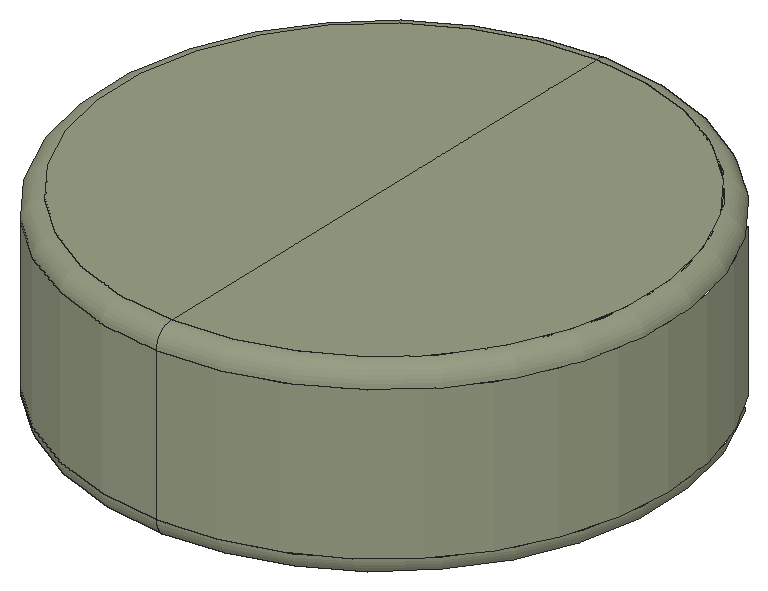
Revit family "Seat Pad 15in Round 5in H", category Generic Models, Revit 2018
Family settings
  Can host rebar = No
  Round Connector Dimension = Use Diameter
  Part Type = Normal
  Work Plane-Based = No
  Always vertical = Yes
  Cut with Voids When Loaded = No
  Shared = No
  Room Calculation Point = No
Parameters
  Fabric = Seat Pad 15" Round 5"H Fabric
Reference planes (in)
  plane 1 "Center (Front/Back)": y = 0
  plane 2: z = 0
  plane 3 "Center (Left/Right)": x = 0
Forms (in)
  Revolve 1, solid, material "Seat Pad 15" Round 5"H Fabric" <- "Fabric"
    sketch origin (0, 0, 0.78222) x (0, 1, 0) y (0, 0, 1)
      loop
        line (0, 4.21778) -> (-7.00037, 4.21778)
        arc (-7.00037, 4.21778) -> (-7.35387, 4.07136) -> (-7.5003, 3.71785) r 0.49993
        line (-7.5003, 3.71785) -> (-7.5003, -0.28229)
        arc (-7.5003, -0.28229) -> (-7.35387, -0.63579) -> (-7.00037, -0.78222) r 0.49993
        line (-7.00037, -0.78222) -> (0, -0.78222) -> (0, 4.21778)
      axis (0, 4.21778) -> (0, -0.78222)
    angle from 0 to 360
Dimensions and locks (in)
  aligned and locked: plane 2 to level
